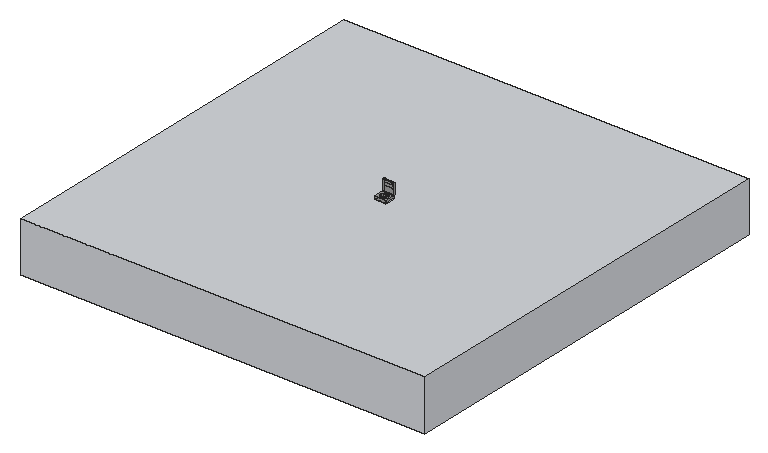
Revit family "2CKA002064A0301", category Elektroinstallationen, Revit 2017
Family settings
  Basisbauteil = Fläche
  Beschriftungsausrichtung beibehalten = Ja
  Bemaßung runder Anschluss = Durchmesser verwenden
  Teiletyp = Normal
  Beim Laden mit Abzugskörper schneiden = Nein
  Gemeinsam genutzt = Nein
  Raumberechnungspunkt = Nein
Parameters
  Überspannungsschutz = no
  White = White
  Werkstoffgüte = "Thermoplast"
  Werkstoff = "Kunststoff"
  Verdrehter Zentraleinsatz = no
  URL = "https://www.busch-jaeger.de/"
  Typname = "SCHUKO Steckdosen-Einsatz, alpinweiß, Unterputz wassergeschützt, Sondersteckvorrichtungen, Steckdosen"
  Textfeld/Beschriftungsfläche = yes
  TYPE = "20 EUGKBN-34-101"
  RAL-Nummer (ähnlich) = 9010
  Produktseite = "https://media.live.bim.site/t/eyJhbGciOiJIUzI1NiIsInR5cCI6IkpXVCJ9.eyJjdCI6MiwidHUiOiJodHRwOi8vYnVzY2gtamFlZ2VyLWthdGFsb2cuZGUvMjA2NC0wLTAzMDEsYXJ0aWtlbC5odG1sIiwiY2lkIjoiZmVkOThlOWEtMWJkOC00YzY4LWE3M2ItNzRhOTRlMzE1ODIzIiwicmlkIjoiNTQ2MDNkMTI1NmNiMDc0NWIwNDVlZTE2MWFmODJmYWEiLCJwaWQiOiJkYjM4NGMwY2Q1NTMzMzQxNGFlMmI3ZTJmYzU3Nzg0YTdjMjVlZmRiIiwic2lkIjoiNjM3MzIiLCJ1dCI6MSwibGMiOiJkZSIsImlhdCI6MTU4MjE5NDc0MSwiaXNzIjoiaHR0cHM6Ly9hcGkubGl2ZS5iaW0uc2l0ZSIsInN1YiI6ImY1ODZjNGI2LWE1MDgtNDI3YS05ODE4LTEzMTc5NjY1NzZiYyJ9.pVm44tK4PCwNpBH6_2r6dF26MbpSwHJRR1kXqssige4"
  Oberfläche = "unbehandelt"
  Nennstrom = 16 A
  Nennspannung [V] [Volt] = 250
  Montageart = "Unterputz"
  Mit erhöhtem Berührungsschutz = yes
  Mit Klappdeckel = yes
  Metal = Metal
  Default Elevation = 1219.2 mm
  Ist Zubehör = no
  Ist System = no
  Hersteller = "Busch-Jaeger"
  HeinzeBIM = "https://www.heinze.de/bim/schuko-steckdosen-einsatz-alpinweiss-unterputz-wassergeschuetzt-sondersteckvorrichtungen-steckdosen/db384c0cd55333414ae2b7e2fc57784a7c25efdb"
  Halogenfrei = yes
  HAN = "2CKA002064A0301"
  Gewicht [kg/m] = 0.097
  Gerätehöhe [mm] = 131
  Gerätebreite [mm] = 70
  Geeignet für Schutzart (IP) = "IP44"
  GTIN = "4011395172322"
  Fehlerstromschutz = no
  Farbe = "weiß"
  Datenblatt = "https://media.live.bim.site/t/eyJhbGciOiJIUzI1NiIsInR5cCI6IkpXVCJ9.eyJjdCI6MSwidGYiOiJwdWJsaWMvYnVzY2gtamFlZ2VyL2VhZjFmM2IvMkNLQTAwMjA2NEEwMzAxX1JPSFNfMjAxOV8xMF8wNy5wZGYiLCJjaWQiOiJmZWQ5OGU5YS0xYmQ4LTRjNjgtYTczYi03NGE5NGUzMTU4MjMiLCJyaWQiOiI1NDYwM2QxMjU2Y2IwNzQ1YjA0NWVlMTYxYWY4MmZhYSIsInBpZCI6ImRiMzg0YzBjZDU1MzMzNDE0YWUyYjdlMmZjNTc3ODRhN2MyNWVmZGIiLCJzaWQiOiI2MzczMiIsInV0IjoxLCJsYyI6ImRlIiwiaWF0IjoxNTgyMTk0NzQxLCJpc3MiOiJodHRwczovL2FwaS5saXZlLmJpbS5zaXRlIiwic3ViIjoiZjU4NmM0YjYtYTUwOC00MjdhLTk4MTgtMTMxNzk2NjU3NmJjIn0.bKOu3hDxe8emQOLqBQRnyDR1rWkj0c1BPaCEaQm1BNE/2CKA002064A0301_ROHS_2019_10_07.pdf"
  Beschreibung = "SCHUKO Steckdosen-Einsatz, alpinweiß, Unterputz wassergeschützt, Sondersteckvorrichtungen, Steckdosen, SCHUKO Steckdosen-Einsatz mit Klappdeckel und Beschriftungsfeld Beschriftungsfeld 66,7 x 10 mm. Mit erhöhtem Berührungsschutz. Lieferumfang mit Dichtungsring. IP 44 nur in Verbindung mit Rahmen Allwetter 44. Mit Steckanschluss. 2-polig (2 P + E) Nennstrom: 16 A Schutzart Gerät: IP 44"
  Befestigungsart = "Krallen-/Schraubbefestigung"
  BIMSITE_PRODUCT_ID = "db384c0cd55333414ae2b7e2fc57784a7c25efdb"
  BIM = "https://media.live.bim.site/t/eyJhbGciOiJIUzI1NiIsInR5cCI6IkpXVCJ9.eyJjdCI6MSwidGYiOiJwdWJsaWMvYnVzY2gtamFlZ2VyL2VhZjFmM2IvMkNLQTAwMjA2NEEwMzAxLnJmYSIsImNpZCI6ImZlZDk4ZTlhLTFiZDgtNGM2OC1hNzNiLTc0YTk0ZTMxNTgyMyIsInJpZCI6IjU0NjAzZDEyNTZjYjA3NDViMDQ1ZWUxNjFhZjgyZmFhIiwicGlkIjoiZGIzODRjMGNkNTUzMzM0MTRhZTJiN2UyZmM1Nzc4NGE3YzI1ZWZkYiIsInNpZCI6IjYzNzMyIiwidXQiOjUsImxjIjoiZGUiLCJpYXQiOjE1ODIxOTQ3NDEsImlzcyI6Imh0dHBzOi8vYXBpLmxpdmUuYmltLnNpdGUiLCJzdWIiOiJmNTg2YzRiNi1hNTA4LTQyN2EtOTgxOC0xMzE3OTY2NTc2YmMifQ.KB5_DqUhQ9RVU-eAtQtG_9J2ory4OxiEclAlwwtRHsI/2CKA002064A0301.rfa"
  Auswurfmechanismus = no
  Ausführung der Oberfläche = "glänzend"
  Ausführung = "Schuko"
  Aufdruck/Kennzeichnung = "ohne Aufdruck"
  Anzahl der Einheiten = 1
  Anschlussart = "Steckklemme"
  Abschließbar = no
Reference planes
  plane 1 "Center (Front/Back)": y = 0
  plane 2: z = 0
  plane 3 "Center (Left/Right)": x = 0
Forms (mm)
  Extrusion 1, solid
    sketch origin (0, 0, 0) x (1, 0, 0) y (0, 1, 0)
      loop
        line (-1219.2, 1219.2) -> (-1219.2, -1219.2) -> (1219.2, -1219.2) -> (1219.2, 1219.2) -> (-1219.2, 1219.2)
    from 0 to -304.8
  Extrusion 2, solid, material "White", detail levels medium
    sketch origin (0, 0, 0) x (1, 0, 0) y (0, 1, 0)
      loop
        circle (0, 0) r 20
      loop
        line (35, 31) -> (-35, 31) -> (-35, -31) -> (35, -31) -> (35, 31)
    from 0 to 14
  Extrusion 3, solid, material "White", detail levels medium+fine
    sketch origin (0, 0, 0) x (1, 0, 0) y (0, 1, 0)
      loop
        circle (0, 0) r 20
      loop
        circle (-10.2, 0) r 2.25
      loop
        circle (10.2, 0) r 2.25
    from 0 to 2.127
  Extrusion 4, solid, material "White", detail levels fine
    sketch origin (0, 0, 0) x (1, 0, 0) y (0, 1, 0)
      loop
        arc (-17, 10.536) -> (-18.855, 6.671) -> (-19.843, 2.5) r 20
        line (-19.843, 2.5) -> (-17, 2.5) -> (-17, 10.536)
      loop
        line (-17, -10.536) -> (-17, -2.5) -> (-19.843, -2.5)
        arc (-19.843, -2.5) -> (-18.855, -6.671) -> (-17, -10.536) r 20
      loop
        line (17, 10.536) -> (17, 2.5) -> (19.843, 2.5)
        arc (19.843, 2.5) -> (18.855, 6.671) -> (17, 10.536) r 20
      loop
        arc (17, -10.536) -> (18.855, -6.671) -> (19.843, -2.5) r 20
        line (19.843, -2.5) -> (17, -2.5) -> (17, -10.536)
    from 2.127 to 14
  Extrusion 5, solid, material "White", detail levels fine
    sketch origin (0, 0, 0) x (1, 0, 0) y (0, 1, 0)
      loop
        line (-2.5, 19.843) -> (-2.5, 17) -> (2.5, 17) -> (2.5, 19.843)
        arc (2.5, 19.843) -> (0, 20) -> (-2.5, 19.843) r 20
      loop
        arc (-2.5, -19.843) -> (0, -20) -> (2.5, -19.843) r 20
        line (2.5, -19.843) -> (2.5, -17) -> (-2.5, -17) -> (-2.5, -19.843)
    from 2.127 to 14
  Extrusion 6, solid, material "White", detail levels coarse
    sketch origin (-1.371, 2.085, 0) x (1, 0, 0) y (0, 1, 0)
      loop
        line (-33.629, 35.915) -> (-33.629, -33.085) -> (36.371, -33.085) -> (36.371, 35.915) -> (-33.629, 35.915)
    from -27 to 16
  Extrusion 7, solid, material "White" <- "White", detail levels fine
    sketch origin (0, 0, 0) x (1, 0, 0) y (0, 1, 0)
      loop
        arc (-34, 31) -> (-34.707, 30.707) -> (-35, 30) r 1
        line (-35, 30) -> (-35, -30)
        arc (-35, -30) -> (-34.707, -30.707) -> (-34, -31) r 1
        line (-34, -31) -> (34, -31)
        arc (34, -31) -> (34.707, -30.707) -> (35, -30) r 1
        line (35, -30) -> (35, 30)
        arc (35, 30) -> (34.707, 30.707) -> (34, 31) r 1
        line (34, 31) -> (-34, 31)
      loop
        circle (0, 0) r 20
    from 0 to 14
  Extrusion 8, solid, material "White", detail levels medium
    sketch origin (0, 0, 0) x (1, 0, 0) y (0, 1, 0)
      loop
        circle (-10.2, 0) r 2.25
      loop
        circle (10.2, 0) r 2.25
    from 0 to 2.127
  Extrusion 9, solid, material "White", detail levels medium+fine
    sketch origin (0, 0, 0) x (1, 0, 0) y (0, 1, 0)
      loop
        circle (0, 0) r 20
      loop
        circle (0, 0) r 22
    from 14 to 16
  Extrusion 10, solid, material "White", detail levels medium
    sketch origin (0, -4, 0) x (0, 1, 0) y (0, 0, 1)
      loop
        line (35, 14) -> (42, 14) -> (42, 83) -> (35, 83) -> (35, 14)
    from -35 to 35
  Extrusion 11, solid, material "White", detail levels fine
    sketch origin (0, -4, 0) x (0, 1, 0) y (0, 0, 1)
      loop
        line (35, 14) -> (41, 14)
        arc (41, 14) -> (41.707, 14.293) -> (42, 15) r 1
        line (42, 15) -> (42, 48.5) -> (40.5, 48.5) -> (40.5, 63.5) -> (42, 63.5) -> (42, 82)
        arc (42, 82) -> (41.707, 82.707) -> (41, 83) r 1
        line (41, 83) -> (35, 83) -> (35, 81.5) -> (40, 81.5)
        arc (40, 81.5) -> (40.707, 81.207) -> (41, 80.5) r 1
        line (41, 80.5) -> (41, 64.917) -> (40, 64.917) -> (40, 47.031) -> (41, 47.031) -> (41, 16.5)
        arc (41, 16.5) -> (40.707, 15.793) -> (40, 15.5) r 1
        line (40, 15.5) -> (35, 15.5) -> (35, 14)
    from -34 to 34
  Extrusion 12, solid, material "White", detail levels fine
    sketch origin (0, -4, 0) x (0, 1, 0) y (0, 0, 1)
      loop
        line (41, 83) -> (35, 83) -> (35, 14) -> (41, 14)
        arc (41, 14) -> (41.707, 14.293) -> (42, 15) r 1
        line (42, 15) -> (42, 82)
        arc (42, 82) -> (41.707, 82.707) -> (41, 83) r 1
    from -35 to -34
  Extrusion 13, solid, material "Glass", detail levels fine
    sketch origin (0, -4, 0) x (0, 1, 0) y (0, 0, 1)
      loop
        line (42, 48.5) -> (42, 63.5) -> (40.5, 63.5) -> (40.5, 48.5) -> (42, 48.5)
    from -34 to 34
  Extrusion 14, solid, material "White", detail levels fine
    sketch origin (0, -4, 0) x (0, 1, 0) y (0, 0, -1)
      loop
        arc (41, -83) -> (41.707, -82.707) -> (42, -82) r 1
        line (42, -82) -> (42, -15)
        arc (42, -15) -> (41.707, -14.293) -> (41, -14) r 1
        line (41, -14) -> (35, -14) -> (35, -83) -> (41, -83)
    from -35 to -34
Lines and regions (mm)
  reference lines
    curve 1: line (0, 31, 0) -> (0, -31, 0)
  model lines, detail levels coarse
    curve 2: arc (20, 0, 16) -> (0, -20, 16) -> (-20, 0, 16) r 20
    curve 3: arc (-20, 0, 16) -> (0, 20, 16) -> (20, 0, 16) r 20
    curve 4: arc (-12.45, 0, 16) -> (-10.2, -2.25, 16) -> (-7.95, 0, 16) r 2.25
    curve 5: arc (-7.95, 0, 16) -> (-10.2, 2.25, 16) -> (-12.45, 0, 16) r 2.25
    curve 6: arc (7.95, 0, 16) -> (10.2, -2.25, 16) -> (12.45, 0, 16) r 2.25
    curve 7: arc (12.45, 0, 16) -> (10.2, 2.25, 16) -> (7.95, 0, 16) r 2.25
Dimensions and locks
  aligned and locked: plane 2 to Extrusion 1
  aligned and locked: level to Extrusion 1
  aligned and locked: plane 3 "Center (Left/Right)" to nested 1
  aligned and locked: plane 1 "Center (Front/Back)" to nested 1
Nested families
  nested 1: "SocketOneFoldWithEarth_DE-DE" at (0, 0, 0), type "SocketOneFoldWithEarth_DE-DE"
  nested 2: "Power Box" at (0, 0, 0), type "Power Box"
Connectors
  electrical at (0, 3.5, -27)
    settings: on Extrusion 6, index 1, voltage 230 V, apparent load 0 VA, apparent load phase1 0 VA, apparent load phase2 0 VA, apparent load phase3 0 VA, power factor 1, load classification "Other", number of poles 1, system type 30, power factor state 1, is connector primary yes, connector utility no, sub classification motor no, connector description ""
Definition of nested family "Power Box"
  Parameters
    White = none
    Default Elevation = 1219.2 mm
  Reference planes
    plane 1 "Center (Front/Back)": y = 0
    plane 2: z = 0
    plane 3 "Center (Left/Right)": x = 0
  Forms (mm)
    Extrusion 1, solid
      sketch origin (0, 0, 0) x (1, 0, 0) y (0, 1, 0)
        loop
          line (-1219.2, 1219.2) -> (-1219.2, -1219.2) -> (1219.2, -1219.2) -> (1219.2, 1219.2) -> (-1219.2, 1219.2)
      from 0 to -304.8
    Extrusion 2, solid, material <- "White", detail levels fine
      sketch origin (0, 0, 0) x (1, 0, 0) y (0, 1, 0)
        loop
          line (29.5, 31) -> (-29.5, 31)
          arc (-29.5, 31) -> (-30.561, 30.561) -> (-31, 29.5) r 1.5
          line (-31, 29.5) -> (-31, 20.75)
          arc (-31, 20.75) -> (-31.439, 19.689) -> (-32.5, 19.25) r 1.5
          line (-32.5, 19.25) -> (-34, 19.25)
          arc (-34, 19.25) -> (-34.707, 18.957) -> (-35, 18.25) r 1
          line (-35, 18.25) -> (-35, -18.25)
          arc (-35, -18.25) -> (-34.707, -18.957) -> (-34, -19.25) r 1
          line (-34, -19.25) -> (-32.5, -19.25)
          arc (-32.5, -19.25) -> (-31.439, -19.689) -> (-31, -20.75) r 1.5
          line (-31, -20.75) -> (-31, -29.5)
          arc (-31, -29.5) -> (-30.561, -30.561) -> (-29.5, -31) r 1.5
          line (-29.5, -31) -> (29.5, -31)
          arc (29.5, -31) -> (30.561, -30.561) -> (31, -29.5) r 1.5
          line (31, -29.5) -> (31, -20.75)
          arc (31, -20.75) -> (31.439, -19.689) -> (32.5, -19.25) r 1.5
          line (32.5, -19.25) -> (34, -19.25)
          arc (34, -19.25) -> (34.707, -18.957) -> (35, -18.25) r 1
          line (35, -18.25) -> (35, 18.25)
          arc (35, 18.25) -> (34.707, 18.957) -> (34, 19.25) r 1
          line (34, 19.25) -> (32.5, 19.25)
          arc (32.5, 19.25) -> (31.439, 19.689) -> (31, 20.75) r 1.5
          line (31, 20.75) -> (31, 29.5)
          arc (31, 29.5) -> (30.561, 30.561) -> (29.5, 31) r 1.5
        loop
          arc (-3.315, 25.055) -> (1.182, 25.225) -> (5.65, 24.679) r 28.25
          arc (5.65, 24.679) -> (7.715, 26.044) -> (6.35, 28.109) r 1.75
          arc (6.35, 28.109) -> (1.253, 28.725) -> (-3.876, 28.513) r 31.75
          arc (-3.876, 28.513) -> (-8.961, 25.914) -> (-3.315, 25.055) r 3
        loop
          arc (-31.513, -3.876) -> (-28.914, -8.961) -> (-28.055, -3.315) r 3
          arc (-28.055, -3.315) -> (-28.225, 1.182) -> (-27.679, 5.65) r 28.25
          arc (-27.679, 5.65) -> (-29.044, 7.715) -> (-31.109, 6.35) r 1.75
          arc (-31.109, 6.35) -> (-31.725, 1.253) -> (-31.513, -3.876) r 31.75
        loop
          arc (-6.35, -28.109) -> (-1.253, -28.725) -> (3.876, -28.513) r 31.75
          arc (3.876, -28.513) -> (8.961, -25.914) -> (3.315, -25.055) r 3
          arc (3.315, -25.055) -> (-1.182, -25.225) -> (-5.65, -24.679) r 28.25
          arc (-5.65, -24.679) -> (-7.715, -26.044) -> (-6.35, -28.109) r 1.75
        loop
          arc (28.055, 3.315) -> (28.225, -1.182) -> (27.679, -5.65) r 28.25
          arc (27.679, -5.65) -> (29.044, -7.715) -> (31.109, -6.35) r 1.75
          arc (31.109, -6.35) -> (31.725, -1.253) -> (31.513, 3.876) r 31.75
          arc (31.513, 3.876) -> (28.914, 8.961) -> (28.055, 3.315) r 3
      from 0 to 1
    Extrusion 3, solid, material <- "White", detail levels fine
      sketch origin (0, 0, 0) x (1, 0, 0) y (0, 1, 0)
        loop
          line (-14.935, 22.4) -> (-23.425, 13.91) -> (-23.425, -12.531) -> (-12.952, -23.005)
          arc (-12.952, -23.005) -> (7.533, -25.303) -> (23.425, -12.175) r 26.4
          line (23.425, -12.175) -> (23.425, 12.175) -> (13.2, 22.4) -> (-14.935, 22.4)
      from 0 to -27
    Extrusion 4, solid, material <- "White", detail levels medium
      sketch origin (0, 0, 0) x (1, 0, 0) y (0, 1, 0)
        loop
          line (35, 31) -> (-35, 31) -> (-35, -31) -> (35, -31) -> (35, 31)
      from 0 to 1
    Extrusion 5, solid, material <- "White", detail levels medium
      sketch origin (0, 0, 0) x (1, 0, 0) y (0, 1, 0)
        loop
          line (-23.425, 22.4) -> (-23.425, -26.4) -> (23.425, -26.4) -> (23.425, 22.4) -> (-23.425, 22.4)
      from 0 to -27
  Cuts and joins
    joined: Extrusion 2, Extrusion 3
  Dimensions and locks
    aligned and locked: plane 2 to Extrusion 1
    aligned and locked: level to Extrusion 1
  Connectors
    electrical at (-2.098, 3.311, -27)
      settings: on cut or joined group of Extrusion 2, Extrusion 3, index 1, voltage 250 V, apparent load 0 VA, apparent load phase1 0 VA, apparent load phase2 0 VA, apparent load phase3 0 VA, power factor 1, load classification none, number of poles 1, system type 30, power factor state 1, is connector primary yes, connector utility no, sub classification motor no, connector description ""
Definition of nested family "SocketOneFoldWithEarth_DE-DE"
  Reference planes
    plane 1: y = 0
    plane 2: x = 0
  Lines and regions (mm)
    detail lines
      curve 1: line (0, 0, 0) -> (0, 3.5, 0)
      curve 2: line (1.5, 3.5, 0) -> (-1.5, 3.5, 0)
      curve 3: arc (-1.5, 5, 0) -> (0, 3.5, 0) -> (1.5, 5, 0) r 1.5
